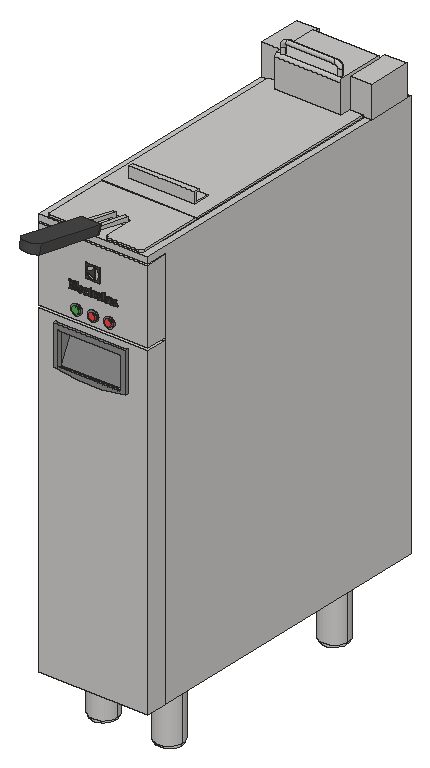
Revit family "QF_ELECTROLUXPROFESSIONAL_285564_EXFREB1BWQ", category Specialty Equipment, Revit 2018
Family settings
  Round Connector Dimension = Use Diameter
  Part Type = Normal
  Work Plane-Based = No
  Always vertical = Yes
  Cut with Voids When Loaded = No
  Shared = No
  Room Calculation Point = No
Parameters
  Weight = 0.00 kg
  Watts = 0 W
  Volts = 415 V
  URL Manufacturer = "http://professional.electrolux.com/"
  URL = "http://professional.electrolux.com/"
  Steam Supply Size = 0"
  Steam Supply Minimum Pressure = 0.00 psi
  Steam Supply Maximum Pressure = 0.00 psi
  Steam Pounds per Hour = 0
  Show Logo [instance] = yes
  Show Clearance [instance] = yes
  Refrigeration Suction Line Size = 0"
  Refrigeration Liquid Line Size = 0"
  Refrigerant Compressor Remote = yes
  Phase = 0
  Model = "EXFREB1BWQ"
  Manufacturer = "Electrolux"
  Length Actual = 200 mm  # constant formula
  Item Number = "285564"
  Hot Water Size = 0"
  Height Actual = 930 mm  # constant formula
  HP = "9.9 HP"
  Gas Size = 0"
  Gas KW = 0
  Gas Input Pressure = 0.0 Btu/h
  Direct Waste Size = 0"
  Description = "9L EL.FRYER-1WELL+1BASK.+OILPUMP-415V"
  Depth Actual = 600 mm  # constant formula
  Cycle = 0 Hz
  Condensate Return Size = 0"
  Compressed Air Volume = 0 GPM
  Compressed Air Size = 0"
  Compressed Air Pressure = 0.00 psi
  Cold Water Size = 0"
  Accessory = yes
Reference planes
  plane 1 "BACK": y = 0
  plane 2: z = 0
  plane 3 "LEFT": x = 0
  plane 4 "RIGHT": x = 200
  plane 5 "FRONT": y = -600
  plane 6 "TOP": z = 907
  plane 7 "Center Y": x = 100
  plane 8 "Center X": y = -300
  plane 9 "TOP A": z = 850
  plane 10: z = 100
  plane 11: y = -124
  plane 12: y = -501
  plane 13: y = -943
  plane 14: x = 160
  plane 15: x = 40
  plane 16: z = 915.999
  plane 17: z = 935
  plane 18: x = 155
  plane 19: y = -781
  plane 20: y = -755
  plane 21: y = 95
  plane 22: z = 700
  plane 23: x = 40
  plane 24: z = 935
Forms (mm)
  Extrusion 1, solid, material "QF_Finishes_Stainless Steel"
    sketch origin (0, 0, 0) x (0, 1, 0) y (0, 0, 1)
      loop
        line (0, 850) -> (-600, 850) -> (-600, 838.077) -> (-560.15, 838.077) -> (-560.15, 100) -> (0, 100) -> (0, 850)
      loop
        line (-600, 695) -> (-600, 100) -> (-561.737, 100) -> (-561.737, 695) -> (-600, 695)
      loop
        line (-561.737, 700) -> (-561.737, 835) -> (-600, 835) -> (-600, 700) -> (-561.737, 700)
    from 0 to 200
  Extrusion 2, void
    sketch origin (0, 0, 850) x (-1, 0, 0) y (0, -1, 0)
      loop
        line (-10.5, 88.124) -> (-10.5, 550.573) -> (-189.691, 550.573) -> (-189.691, 88.124) -> (-10.5, 88.124)
    from 0 to -150
  Extrusion 3, solid, material "QF_Clearances", visible <- "Show Clearance", detail levels coarse
    sketch origin (0, 0, 0) x (1, 0, 0) y (0, 1, 0)
      loop
        line (0, 0) -> (200, 0) -> (200, 95) -> (0, 95) -> (0, 0)
    from 0 to 907
  Extrusion 4, solid, material "QF_Door-Drawer Clearances", visible <- "Show Clearance", detail levels coarse
    sketch origin (0, 0, 850) x (-1, 0, 0) y (0, -1, 0)
      loop
        line (-190.5, 600) -> (-9.5, 600)
        arc (-9.5, 600) -> (-62.514, 727.986) -> (-190.5, 781) r 181
        line (-190.5, 781) -> (-190.5, 600)
    from -750 to -155
  Extrusion 5, solid, material "QF_Finishes_Stainless Steel"
    sketch origin (100, -139.304, 888.806) x (0, 1, 0) y (-1, 0, 0)
      loop
        line (49.304, 100) -> (49.304, 60) -> (129.304, 60) -> (129.304, 100) -> (49.304, 100)
      loop
        line (49.304, -100) -> (129.304, -100) -> (129.304, -60) -> (49.304, -60) -> (49.304, -100)
    from -38.806 to 18.194
  Revolve 6, solid, material "QF_Finishes_Stainless Steel"
    sketch origin (0, -501, 608.09) x (0, 0, 1) y (1, 0, 0)
      loop
        line (-608.09, 40) -> (-608.09, 17.609) -> (-603.09, 17.609) -> (-603.09, 15) -> (-508.09, 15) -> (-508.09, 40) -> (-608.09, 40)
      axis (-608.09, 40) -> (-508.09, 40)
    angle from 0 to 360
  Extrusion 7, solid, material "QF_Finishes_Stainless Steel"
    sketch origin (0, 600, 100) x (-1, 0, 0) y (0, 1, 0)
      loop
        circle (-155, -650) r 6.35
    from 0 to 8
  Revolve 8, solid, material "QF_Finishes_Stainless Steel"
    sketch origin (200, -501, 608.09) x (0, 0, 1) y (1, 0, 0)
      loop
        line (-608.09, -40) -> (-508.09, -40) -> (-508.09, -15) -> (-603.09, -15) -> (-603.09, -17.609) -> (-608.09, -17.609) -> (-608.09, -40)
      axis (-608.09, -40) -> (-508.09, -40)
    angle from 0 to 360
  Revolve 9, solid, material "QF_Finishes_Stainless Steel"
    sketch origin (0, -124, 608.09) x (0, 0, 1) y (-1, 0, 0)
      loop
        line (-608.09, -40) -> (-508.09, -40) -> (-508.09, -15) -> (-603.09, -15) -> (-603.09, -17.609) -> (-608.09, -17.609) -> (-608.09, -40)
      axis (-608.09, -40) -> (-508.09, -40)
    angle from 0 to 360
  Revolve 10, solid, material "QF_Finishes_Stainless Steel"
    sketch origin (200, -124, 608.09) x (0, 0, 1) y (-1, 0, 0)
      loop
        line (-608.09, 40) -> (-608.09, 17.609) -> (-603.09, 17.609) -> (-603.09, 15) -> (-508.09, 15) -> (-508.09, 40) -> (-608.09, 40)
      axis (-608.09, 40) -> (-508.09, 40)
    angle from 0 to 360
  Extrusion 11, void
    sketch origin (0, 0, 0) x (0, 1, 0) y (0, 0, 1)
      loop
        line (-600, 615) -> (-570, 675) -> (-600, 675) -> (-600, 615)
    from 40 to 155
  Extrusion 12, solid, material "QF_Finishes_grey"
    sketch origin (0, -600, 695) x (0, 0, -1) y (1, 0, 0)
      loop
        line (20, 40) -> (80, 40) -> (80, 155) -> (20, 155) -> (20, 40)
      loop
        line (10, 32) -> (82.581, 32)
        arc (82.581, 32) -> (90.011, 97.5) -> (82.581, 163) r 292.45
        line (82.581, 163) -> (10, 163) -> (10, 32)
    from 0 to 5
  Extrusion 13, solid, material "QF_Finishes_Red"
    sketch origin (39.327, -600, 649.266) x (0, 0, 1) y (-1, 0, 0)
      loop
        circle (68.272, -60.648) r 6.35
    from 0 to 3.175
  Extrusion 14, solid, material "QF_Finishes_grey"
    sketch origin (0, -600, 700) x (0, 0, 1) y (-1, 0, 0)
      loop
        circle (17.537, -99.975) r 6.35
      loop
        circle (17.537, -99.975) r 9.35
    from 0 to 1.394
  Extrusion 15, solid, material "QF_Finishes_Red"
    sketch origin (69.327, -600, 649.266) x (0, 0, 1) y (-1, 0, 0)
      loop
        circle (68.272, -60.648) r 6.35
    from 0 to 3.175
  Extrusion 16, solid, material "QF_Finishes_grey"
    sketch origin (30, -600, 700) x (0, 0, 1) y (-1, 0, 0)
      loop
        circle (17.537, -99.975) r 6.35
      loop
        circle (17.537, -99.975) r 9.35
    from 0 to 1.394
  Extrusion 17, solid, material "QF_Finishes_Green"
    sketch origin (9.327, -600, 649.266) x (0, 0, 1) y (-1, 0, 0)
      loop
        circle (68.272, -60.648) r 6.35
    from 0 to 3.175
  Extrusion 18, solid, material "QF_Finishes_grey"
    sketch origin (-30, -600, 700) x (0, 0, 1) y (-1, 0, 0)
      loop
        circle (17.537, -99.975) r 6.35
      loop
        circle (17.537, -99.975) r 9.35
    from 0 to 1.394
  Extrusion 19, solid, material "QF_Finishes_Black", visible <- "Show Logo"
    sketch origin (-109.987, -600, 729.585) x (0, 0, 1) y (-1, 0, 0)
      loop
        arc (33.355, -167.066) -> (33.007, -166.709) -> (32.64, -167.047) r 0.358
        arc (32.64, -167.047) -> (32.326, -167.797) -> (31.609, -168.182) r 1.216
        line (31.609, -168.182) -> (21.197, -168.182)
        arc (21.197, -168.182) -> (20.537, -167.904) -> (20.141, -167.308) r 1.238
        arc (20.141, -167.308) -> (19.746, -167.057) -> (19.44, -167.411) r 0.358
        line (19.44, -167.411) -> (19.44, -177.29) -> (22.191, -177.29) -> (22.191, -176.393)
        arc (22.191, -176.393) -> (21.282, -175.813) -> (20.827, -174.836) r 1.928
        line (20.827, -174.836) -> (20.827, -172.337)
        arc (20.827, -172.337) -> (21.102, -171.608) -> (21.791, -171.244) r 1.101
        line (21.791, -171.244) -> (25.877, -171.244) -> (25.877, -174.917)
        arc (25.877, -174.917) -> (25.525, -175.414) -> (24.959, -175.642) r 1.083
        arc (24.959, -175.642) -> (24.696, -175.948) -> (24.988, -176.226) r 0.292
        line (24.988, -176.226) -> (27.95, -176.226)
        arc (27.95, -176.226) -> (28.253, -175.953) -> (28.014, -175.623) r 0.305
        arc (28.014, -175.623) -> (27.524, -175.375) -> (27.219, -174.917) r 1.083
        line (27.219, -174.917) -> (27.219, -171.244) -> (31.896, -171.244) -> (31.896, -174.991)
        arc (31.896, -174.991) -> (31.682, -175.747) -> (31.075, -176.245) r 1.314
        arc (31.075, -176.245) -> (30.856, -176.649) -> (31.211, -176.941) r 0.361
        line (31.211, -176.941) -> (33.355, -176.941) -> (33.355, -167.066)
      loop
        arc (32.638, -177.722) -> (32.257, -178.641) -> (31.339, -179.021) r 1.299
        line (31.339, -179.021) -> (21.76, -179.021)
        arc (21.76, -179.021) -> (20.922, -178.643) -> (20.65, -177.765) r 1.118
        line (20.65, -177.765) -> (19.44, -177.765) -> (19.44, -183.115) -> (20.629, -183.115)
        arc (20.629, -183.115) -> (20.9, -182.198) -> (21.77, -181.802) r 1.153
        line (21.77, -181.802) -> (33.843, -181.802) -> (32.638, -177.722)
      loop
        line (24.405, -185.751) -> (24.405, -192.198) -> (25.204, -192.198)
        arc (25.204, -192.198) -> (27.785, -191.214) -> (29.053, -188.76) r 3.874
        line (29.053, -188.76) -> (29.053, -187)
        arc (29.053, -187) -> (27.867, -184.135) -> (25.002, -182.949) r 4.051
        line (25.002, -182.949) -> (22.994, -182.949)
        arc (22.994, -182.949) -> (20.176, -184.434) -> (19.124, -187.441) r 4.352
        arc (19.124, -187.441) -> (19.489, -189.904) -> (20.866, -191.978) r 5.713
        line (20.866, -191.978) -> (21.815, -191.978)
        arc (21.815, -191.978) -> (21.082, -190.409) -> (20.866, -188.691) r 5.579
        arc (20.866, -188.691) -> (21.66, -186.728) -> (23.539, -185.751) r 3.057
        line (23.539, -185.751) -> (24.405, -185.751)
      loop
        line (25.665, -185.751) -> (25.665, -189.333)
        arc (25.665, -189.333) -> (27.121, -189.38) -> (28.004, -188.221) r 1.59
        line (28.004, -188.221) -> (28.004, -187.391)
        arc (28.004, -187.391) -> (27.14, -186.136) -> (25.665, -185.751) r 2.184
      loop
        arc (28.455, -201.616) -> (28.944, -199.942) -> (29.102, -198.205) r 9.023
        line (29.102, -198.205) -> (29.102, -196.843)
        arc (29.102, -196.843) -> (27.942, -194.043) -> (25.143, -192.883) r 3.959
        line (25.143, -192.883) -> (22.543, -192.883)
        arc (22.543, -192.883) -> (20.261, -194.176) -> (19.143, -196.548) r 4.331
        line (19.143, -196.548) -> (19.143, -198.684)
        arc (19.143, -198.684) -> (19.652, -200.234) -> (20.573, -201.58) r 5.772
        arc (20.573, -201.58) -> (21.335, -201.631) -> (21.422, -200.872) r 0.553
        arc (21.422, -200.872) -> (21.034, -200.138) -> (20.9, -199.319) r 2.573
        line (20.9, -199.319) -> (20.9, -197.804)
        arc (20.9, -197.804) -> (21.906, -196.162) -> (23.72, -195.52) r 2.884
        line (23.72, -195.52) -> (24.999, -195.52)
        arc (24.999, -195.52) -> (26.82, -196.08) -> (27.747, -197.745) r 2.554
        line (27.747, -197.745) -> (27.747, -198.798)
        arc (27.747, -198.798) -> (27.415, -199.726) -> (26.758, -200.461) r 2.564
        arc (26.758, -200.461) -> (26.537, -201.178) -> (27.146, -201.616) r 0.643
        line (27.146, -201.616) -> (28.455, -201.616)
      loop
        line (27.437, -201.886) -> (27.437, -203.387) -> (21.389, -203.387)
        arc (21.389, -203.387) -> (19.801, -204.045) -> (19.143, -205.633) r 2.246
        line (19.143, -205.633) -> (19.143, -207.217)
        arc (19.143, -207.217) -> (19.457, -208.081) -> (19.958, -208.853) r 4.06
        arc (19.958, -208.853) -> (20.69, -208.986) -> (20.942, -208.285) r 0.576
        arc (20.942, -208.285) -> (20.836, -207.759) -> (20.9, -207.227) r 1.69
        arc (20.9, -207.227) -> (21.441, -206.439) -> (22.348, -206.136) r 1.506
        line (22.348, -206.136) -> (27.486, -206.136) -> (27.486, -208.533) -> (28.042, -209.089) -> (28.864, -209.089) -> (28.864, -206.23) -> (32.095, -206.23) -> (27.437, -201.886)
      loop
        line (19.361, -209.987) -> (19.361, -215.374) -> (20.471, -215.374)
        arc (20.471, -215.374) -> (20.865, -214.423) -> (21.816, -214.029) r 1.345
        line (21.816, -214.029) -> (25.432, -214.029)
        arc (25.432, -214.029) -> (26.197, -214.621) -> (26.486, -215.543) r 1.615
        line (26.486, -215.543) -> (26.486, -217.099) -> (29.042, -217.784) -> (29.042, -216.401) -> (27.099, -213.842) -> (28.98, -213.842) -> (28.695, -211.136)
        arc (28.695, -211.136) -> (28.256, -210.606) -> (27.597, -210.807) r 0.621
        arc (27.597, -210.807) -> (27.197, -211.149) -> (26.703, -211.332) r 1.501
        line (26.703, -211.332) -> (21.816, -211.332)
        arc (21.816, -211.332) -> (20.865, -210.938) -> (20.471, -209.987) r 1.345
        line (20.471, -209.987) -> (19.361, -209.987)
      loop
        line (25.463, -217.321) -> (22.771, -217.321)
        arc (22.771, -217.321) -> (20.325, -218.629) -> (19.191, -221.159) r 4.288
        arc (19.191, -221.159) -> (19.128, -222.54) -> (19.191, -223.92) r 15.022
        arc (19.191, -223.92) -> (20.325, -226.451) -> (22.771, -227.758) r 4.288
        line (22.771, -227.758) -> (25.463, -227.758)
        arc (25.463, -227.758) -> (27.908, -226.451) -> (29.042, -223.92) r 4.288
        arc (29.042, -223.92) -> (29.106, -222.54) -> (29.042, -221.159) r 15.022
        arc (29.042, -221.159) -> (27.908, -218.629) -> (25.463, -217.321) r 4.288
      loop
        line (25.668, -220.435) -> (22.566, -220.435)
        arc (22.566, -220.435) -> (20.409, -222.592) -> (22.566, -224.749) r 2.157
        line (22.566, -224.749) -> (25.668, -224.749)
        arc (25.668, -224.749) -> (27.824, -222.592) -> (25.668, -220.435) r 2.157
      loop
        arc (32.648, -227.616) -> (32.278, -228.51) -> (31.384, -228.881) r 1.264
        line (31.384, -228.881) -> (21.52, -228.881)
        arc (21.52, -228.881) -> (20.65, -228.484) -> (20.378, -227.568) r 1.153
        line (20.378, -227.568) -> (19.44, -227.568) -> (19.44, -232.676) -> (20.369, -232.676)
        arc (20.369, -232.676) -> (20.728, -231.904) -> (21.52, -231.589) r 1.153
        line (21.52, -231.589) -> (33.843, -231.589) -> (32.648, -227.616)
      loop
        arc (27.769, -232.214) -> (27.569, -233.278) -> (26.6, -233.76) r 1.215
        line (26.6, -233.76) -> (21.58, -233.76)
        arc (21.58, -233.76) -> (19.966, -234.407) -> (19.245, -235.99) r 2.338
        line (19.245, -235.99) -> (19.245, -237.505)
        arc (19.245, -237.505) -> (19.419, -238.509) -> (19.922, -239.395) r 2.979
        line (19.922, -239.395) -> (19.44, -241.192) -> (19.44, -242.88) -> (28.866, -242.88) -> (28.572, -238.677) -> (27.786, -238.677)
        arc (27.786, -238.677) -> (27.43, -239.513) -> (26.678, -240.022) r 1.605
        line (26.678, -240.022) -> (21.575, -240.022)
        arc (21.575, -240.022) -> (21.154, -239.085) -> (21.082, -238.061) r 2.94
        arc (21.082, -238.061) -> (21.643, -236.96) -> (22.796, -236.517) r 1.724
        line (22.796, -236.517) -> (28.992, -236.517) -> (27.769, -232.214)
      loop
        line (28.797, -243.734) -> (27.125, -245.78) -> (23.951, -248.086) -> (20.494, -244.974)
        arc (20.494, -244.974) -> (20.257, -244.58) -> (20.28, -244.121) r 0.789
        line (20.28, -244.121) -> (19.44, -244.121) -> (19.44, -247.666) -> (20.267, -247.666)
        arc (20.267, -247.666) -> (20.609, -247.304) -> (21.099, -247.396) r 0.52
        line (21.099, -247.396) -> (22.899, -248.867) -> (20.781, -250.243)
        arc (20.781, -250.243) -> (20.38, -249.933) -> (20.293, -249.433) r 0.7
        line (20.293, -249.433) -> (19.44, -249.433) -> (19.44, -255.36) -> (20.327, -255.36)
        arc (20.327, -255.36) -> (20.394, -254.701) -> (20.789, -254.17) r 1.247
        line (20.789, -254.17) -> (24.989, -250.889) -> (27.436, -252.942) -> (28.797, -254.684) -> (28.797, -250.96) -> (27.312, -251.383) -> (25.79, -250.106) -> (27.491, -248.916) -> (28.797, -249.692) -> (28.797, -243.734)
      loop
        line (70.086, -213.413) -> (47.032, -213.413)
        arc (47.032, -213.413) -> (58.559, -221.935) -> (70.086, -213.413) r 12.057
      loop
        arc (70.086, -212.24) -> (67.907, -202.653) -> (59.227, -198.033) r 11.816
        line (59.227, -198.033) -> (59.227, -201.847)
        arc (59.227, -201.847) -> (61.993, -208.661) -> (68.417, -212.24) r 11.075
        line (68.417, -212.24) -> (70.086, -212.24)
      loop
        arc (48.441, -212.24) -> (54.864, -208.661) -> (57.63, -201.847) r 11.075
        line (57.63, -201.847) -> (57.63, -198.058)
        arc (57.63, -198.058) -> (49.006, -202.72) -> (46.669, -212.24) r 12.096
        line (46.669, -212.24) -> (48.441, -212.24)
      loop
        line (71.344, -197.158) -> (45.722, -197.158) -> (45.722, -222.815) -> (71.344, -222.815) -> (71.344, -197.158)
    from 0 to 1.644
  Sweep 20, solid, material "QF_Finishes_Stainless Steel"
    path origin (-1.25, 52.5, 0) x (1, 0, 0) y (0, 0, 1)
      loop
        line (51.187, 910.561) -> (51.187, 921.65)
        arc (51.187, 921.65) -> (53.047, 926.14) -> (57.537, 928) r 6.35
        line (57.537, 928) -> (145.725, 928)
        arc (145.725, 928) -> (149.508, 926.433) -> (151.075, 922.65) r 5.35
        line (151.075, 922.65) -> (151.075, 910.561)
    profile origin (49.937, 52.5, 916.105) x (-1, 0, 0) y (0, -1, 0)
      loop
        circle (2.09, 153.254) r 3.827
  Extrusion 21, solid, material "QF_Finishes_Stainless Steel"
    sketch origin (0, 65, 0) x (0, 1, 0) y (0, 0, 1)
      loop
        line (-88.124, 910.561) -> (-170, 910.561)
        arc (-170, 910.561) -> (-173.536, 909.096) -> (-175, 905.561) r 5
        line (-175, 905.561) -> (-175, 850) -> (-88.124, 850) -> (-88.124, 910.561)
    from 40 to 160
  Extrusion 22, solid, material "QF_Finishes_Mesh"
    sketch origin (178.262, -64.779, 844.25) x (-1, 0, 0) y (0, -1, 0)
      loop
        arc (123.4, 118.481) -> (141.36, 125.92) -> (148.8, 143.881) r 25.4
        line (148.8, 143.881) -> (148.8, 376.11)
        arc (148.8, 376.11) -> (141.36, 394.071) -> (123.4, 401.51) r 25.4
        line (123.4, 401.51) -> (33.125, 401.51)
        arc (33.125, 401.51) -> (15.164, 394.071) -> (7.725, 376.11) r 25.4
        line (7.725, 376.11) -> (7.725, 143.881)
        arc (7.725, 143.881) -> (15.164, 125.92) -> (33.125, 118.481) r 25.4
        line (33.125, 118.481) -> (123.4, 118.481)
      loop
        arc (123.4, 121.656) -> (139.115, 128.165) -> (145.625, 143.881) r 22.225
        line (145.625, 143.881) -> (145.625, 376.11)
        arc (145.625, 376.11) -> (139.115, 391.826) -> (123.4, 398.335) r 22.225
        line (123.4, 398.335) -> (33.125, 398.335)
        arc (33.125, 398.335) -> (17.409, 391.826) -> (10.9, 376.11) r 22.225
        line (10.9, 376.11) -> (10.9, 143.881)
        arc (10.9, 143.881) -> (17.409, 128.165) -> (33.125, 121.656) r 22.225
        line (33.125, 121.656) -> (123.4, 121.656)
    from -109 to -5.315
  Extrusion 23, solid, material "QF_Finishes_Black"
    sketch origin (234.175, -818.725, 918.681) x (0, 0.980628, -0.195878) y (-1, 0, 0)
      loop
        arc (79.035, 152.655) -> (68.808, 134.038) -> (79.035, 115.42) r 22.059
        line (79.035, 115.42) -> (214.834, 115.42)
        arc (214.834, 115.42) -> (217.308, 116.446) -> (218.334, 118.92) r 3.5
        line (218.334, 118.92) -> (218.334, 149.146)
        arc (218.334, 149.146) -> (217.306, 151.628) -> (214.824, 152.655) r 3.509
        line (214.824, 152.655) -> (79.035, 152.655)
    from -15.884 to 0
  Extrusion 24, solid, material "QF_Finishes_Stainless Steel"
    sketch origin (0, 0, 850) x (0, -1, 0) y (1, 0, 0)
      loop
        arc (90, 18.5) -> (91.464, 14.964) -> (95, 13.5) r 5
        line (95, 13.5) -> (472, 13.5) -> (472, 186.691) -> (95, 186.691)
        arc (95, 186.691) -> (91.464, 185.227) -> (90, 181.691) r 5
        line (90, 181.691) -> (90, 165)
        arc (90, 165) -> (91.464, 161.464) -> (95, 160) r 5
        line (95, 160) -> (110, 160) -> (110, 40) -> (95, 40)
        arc (95, 40) -> (91.464, 38.536) -> (90, 35) r 5
        line (90, 35) -> (90, 18.5)
      loop
        line (473, 186.691) -> (473, 13.5) -> (592, 13.5)
        arc (592, 13.5) -> (595.536, 14.964) -> (597, 18.5) r 5
        line (597, 18.5) -> (597, 75.55)
        arc (597, 75.55) -> (595.536, 79.086) -> (592, 80.55) r 5
        line (592, 80.55) -> (543.238, 80.55)
        arc (543.238, 80.55) -> (539.703, 82.014) -> (538.238, 85.55) r 5
        line (538.238, 85.55) -> (538.238, 114.641)
        arc (538.238, 114.641) -> (539.703, 118.177) -> (543.238, 119.641) r 5
        line (543.238, 119.641) -> (592, 119.641)
        arc (592, 119.641) -> (595.536, 121.106) -> (597, 124.641) r 5
        line (597, 124.641) -> (597, 181.691)
        arc (597, 181.691) -> (595.536, 185.227) -> (592, 186.691) r 5
        line (592, 186.691) -> (473, 186.691)
    from 0 to 3
  Extrusion 25, solid, material "QF_Finishes_Stainless Steel"
    sketch origin (166.074, -30.154, 119.93) x (0, 0.984808, 0.173648) y (0, -0.173648, 0.984808)
      loop
        line (-380.327, 769.003) -> (-372.194, 815.127) -> (-436.107, 840.041) -> (-438.413, 834.124) -> (-379.351, 811.102) -> (-387.692, 763.803) -> (-308.907, 749.911) -> (-307.796, 756.214) -> (-380.327, 769.003)
    from -80.476 to -74.619
  Extrusion 26, solid, material "QF_Finishes_Stainless Steel"
    sketch origin (34.2, -30.154, 119.93) x (0, 0.984808, 0.173648) y (0, 0.173648, -0.984808)
      loop
        line (-372.194, -815.127) -> (-380.327, -769.003) -> (-307.796, -756.214) -> (-308.907, -749.911) -> (-387.692, -763.803) -> (-379.351, -811.102) -> (-438.413, -834.124) -> (-436.107, -840.041) -> (-372.194, -815.127)
    from -80.476 to -74.619
  Extrusion 27, solid, material "QF_Finishes_Stainless Steel"
    sketch origin (13.5, -88.124, 850) x (0, -1, 0) y (0, 0, 1)
      loop
        line (354.876, 3) -> (354.876, 23) -> (346.126, 23) -> (346.126, 20) -> (351.876, 20) -> (351.876, 5) -> (324.876, 5) -> (324.876, 3) -> (354.876, 3)
    from -26.5 to -146.5
Cuts and joins
  Extrusion 2, Extrusion 11 cuts Extrusion 1
  Extrusion 11 cuts Extrusion 4
Lines and regions (mm)
  symbolic lines, style "QF_Clearances", visible <- "Show Clearance", detail levels coarse
    curve 1: line (200, 95, 850) -> (0, 95, 850)
  symbolic lines
    curve 2: line (0, -600, 850) -> (0, 0, 850)
    curve 3: line (190.5, -90, 850) -> (190.5, -600, 850)
    curve 4: line (11.548, -90, 850) -> (11.548, -597, 850)
    curve 5: line (11.548, -597, 850) -> (75.55, -597, 850)
    curve 6: line (124.641, -597, 850) -> (188.452, -597, 850)
    curve 7: line (188.452, -597, 850) -> (188.452, -90, 850)
    curve 8: line (200, -90, 850) -> (160, -90, 850)
    curve 9: line (200, -600, 850) -> (0, -600, 850)
    curve 11: line (40, -23.124, 850) -> (40, -110, 850)
    curve 12: line (40, -110, 850) -> (160, -110, 850)
    curve 13: line (160, -110, 850) -> (160, -23.124, 850)
    curve 14: line (40, -23.124, 850) -> (160, -23.124, 850)
    curve 15: line (40, -88.124, 850) -> (160, -88.124, 850)
    curve 16: line (40, -90, 850) -> (0, -90, 850)
    curve 17: line (0, 0, 850) -> (200, 0, 850)
    curve 19: line (47.824, -96.927, 850) -> (151.941, -96.927, 850)
    curve 20: line (151.941, -104.585, 850) -> (47.824, -104.585, 850)
    curve 21: arc (151.941, -96.927, 850) -> (155.77, -100.756, 850) -> (151.941, -104.585, 850) r 3.829
    curve 22: arc (47.824, -96.927, 850) -> (43.995, -100.756, 850) -> (47.824, -104.585, 850) r 3.829
    curve 23: line (40, -23.124, 0) -> (40, -10, 0)
    curve 24: line (40, -10, 0) -> (0, -10, 0)
    curve 25: line (0, -10, 0) -> (0, -90, 0)
    curve 26: line (160, -23.124, 0) -> (160, -10, 0)
    curve 27: line (160, -10, 0) -> (200, -10, 0)
    curve 28: line (200, 0, 0) -> (200, -600, 0)
    curve 29: arc (119.641, -592, 0) -> (121.106, -595.536, 0) -> (124.641, -597, 0) r 5
    curve 30: line (119.641, -543.238, 0) -> (119.641, -592, 0)
    curve 31: arc (114.641, -538.238, 0) -> (118.177, -539.703, 0) -> (119.641, -543.238, 0) r 5
    curve 32: line (85.55, -538.238, 0) -> (114.641, -538.238, 0)
    curve 33: arc (80.55, -543.238, 0) -> (82.014, -539.703, 0) -> (85.55, -538.238, 0) r 5
    curve 34: line (80.55, -592, 0) -> (80.55, -543.238, 0)
    curve 35: arc (75.55, -597, 0) -> (79.086, -595.536, 0) -> (80.55, -592, 0) r 5
    curve 36: line (81.52, -608.062, 0) -> (81.52, -744.332, 0)
    curve 37: spline (85.029, -604.621, 0) -> (84.571, -604.65, 0) -> (84.121, -604.738, 0) -> (83.686, -604.883, 0) -> (83.274, -605.082, 0) -> (82.893, -605.332, 0) -> (82.547, -605.628, 0) -> (82.245, -605.967, 0) -> (81.99, -606.341, 0) -> (81.787, -606.745, 0) -> (81.639, -607.171, 0) -> (81.55, -607.613, 0) -> (81.52, -608.062, 0)
    curve 38: line (115.255, -604.621, 0) -> (85.029, -604.621, 0)
    curve 39: spline (118.755, -608.053, 0) -> (118.725, -607.605, 0) -> (118.635, -607.164, 0) -> (118.488, -606.739, 0) -> (118.286, -606.337, 0) -> (118.031, -605.963, 0) -> (117.729, -605.626, 0) -> (117.385, -605.33, 0) -> (117.005, -605.08, 0) -> (116.594, -604.882, 0) -> (116.16, -604.738, 0) -> (115.711, -604.65, 0) -> (115.255, -604.621, 0)
    curve 40: line (118.755, -744.332, 0) -> (118.755, -608.053, 0)
    curve 41: spline (118.755, -744.332, 0) -> (116.522, -747.213, 0) -> (113.832, -749.688, 0) -> (110.758, -751.689, 0) -> (107.387, -753.16, 0) -> (103.814, -754.059, 0) -> (100.137, -754.361, 0) -> (96.461, -754.059, 0) -> (92.887, -753.16, 0) -> (89.516, -751.689, 0) -> (86.443, -749.688, 0) -> (83.752, -747.213, 0) -> (81.52, -744.332, 0)
    curve 42: line (13.5, -592, 0) -> (13.5, -473, 0)
    curve 43: line (13.5, -473, 0) -> (186.691, -473, 0)
    curve 44: line (186.691, -473, 0) -> (186.691, -592, 0)
    curve 45: arc (181.691, -597, 0) -> (185.227, -595.536, 0) -> (186.691, -592, 0) r 5
    curve 46: arc (13.5, -592, 0) -> (14.964, -595.536, 0) -> (18.5, -597, 0) r 5
    curve 47: line (13.5, -472, 0) -> (186.691, -472, 0)
    curve 48: line (186.691, -472, 0) -> (186.691, -95, 0)
    curve 49: line (13.5, -95, 0) -> (13.5, -472, 0)
    curve 50: arc (40, -95, 0) -> (38.536, -91.464, 0) -> (35, -90, 0) r 5
    curve 51: arc (18.5, -90, 0) -> (14.964, -91.464, 0) -> (13.5, -95, 0) r 5
    curve 52: arc (165, -90, 0) -> (161.464, -91.464, 0) -> (160, -95, 0) r 5
    curve 53: arc (186.691, -95, 0) -> (185.227, -91.464, 0) -> (181.691, -90, 0) r 5
    curve 54: line (63.625, -600, 0) -> (63.625, -603.175, 0)
    curve 55: line (63.625, -603.175, 0) -> (76.325, -603.175, 0)
    curve 56: line (76.325, -603.175, 0) -> (76.325, -600, 0)
    curve 57: line (106.325, -603.175, 0) -> (106.325, -600, 0)
    curve 58: line (106.325, -603.175, 0) -> (93.625, -603.175, 0)
    curve 59: line (91.456, -538.238, 0) -> (91.456, -604.621, 0)
    curve 60: line (108.819, -538.238, 0) -> (108.819, -604.621, 0)
    curve 61: line (114.676, -538.238, 0) -> (114.676, -604.621, 0)
    curve 62: line (85.599, -538.238, 0) -> (85.599, -604.621, 0)
    curve 63: line (93.625, -603.175, 0) -> (93.625, -600, 0)
    curve 64: line (136.325, -603.175, 0) -> (123.625, -603.175, 0)
    curve 65: line (123.625, -603.175, 0) -> (123.625, -600, 0)
    curve 66: line (136.325, -603.175, 0) -> (136.325, -600, 0)
    curve 67: line (45, -413, 0) -> (155, -413, 0)
    curve 68: line (40, -443, 0) -> (40, -418, 0)
    curve 69: line (160, -443, 0) -> (40, -443, 0)
    curve 70: line (160, -418, 0) -> (160, -443, 0)
    curve 71: line (45, -434.25, 0) -> (155, -434.25, 0)
    curve 72: arc (40, -418, 0) -> (41.464, -414.464, 0) -> (45, -413, 0) r 5
    curve 73: arc (155, -413, 0) -> (158.536, -414.464, 0) -> (160, -418, 0) r 5
    curve 74: arc (40, -439.25, 0) -> (41.464, -435.714, 0) -> (45, -434.25, 0) r 5
    curve 75: arc (160, -439.25, 0) -> (158.536, -435.714, 0) -> (155, -434.25, 0) r 5
  symbolic lines, style "QF_Door-Drawer Clearances"
    curve 10: line (190.5, -781, 850) -> (190.5, -600, 850)
    curve 18: arc (9.5, -600, 0) -> (62.514, -727.986, 0) -> (190.5, -781, 0) r 181
Dimensions and locks
  equal spacing: plane 3 "LEFT", plane 7 "Center Y", plane 4 "RIGHT"
  plane 3 "LEFT" to plane 4 "RIGHT" = 200 mm
  equal spacing: plane 5 "FRONT", plane 8 "Center X", plane 1 "BACK"
  plane 5 "FRONT" to plane 1 "BACK" = 600 mm  (x2)
  plane 1 "BACK" to plane 5 "FRONT" = 600 mm
  plane 10 to level = 100 mm  (x2)
  plane 1 "BACK" to plane 11 = 124 mm
  plane 11 to plane 12 = 377 mm
  locked: plane 12 to cut or joined group of Extrusion 1, Extrusion 2, Extrusion 11 at 99
  locked: plane 13 to plane 5 "FRONT" at 343
  plane 4 "RIGHT" to plane 14 = 40 mm
  plane 15 to plane 3 "LEFT" = 40 mm
  plane 16 to plane 9 "TOP A" = 65.999 mm
  plane 9 "TOP A" to plane 17 = 85 mm
  plane 4 "RIGHT" to plane 3 "LEFT" = 200 mm
  plane 9 "TOP A" to plane 10 = 750 mm
  plane 6 "TOP" to level = 907 mm
  Extrusion 7 sketch curve to plane 1 "BACK" = 50 mm
  Extrusion 7 sketch curve to plane 4 "RIGHT" = 45 mm
  plane 10 to Extrusion 7 = 8 mm  (x2)
  plane 18 to plane 4 "RIGHT" = 45 mm
  plane 1 "BACK" to Extrusion 7 = 50 mm
  plane 5 "FRONT" to plane 19 = 181 mm
  plane 5 "FRONT" to plane 20 = 155 mm
  curve 1 to plane 1 "BACK" = 95 mm
  plane 9 "TOP A" to Extrusion 3 = 850 mm
  Revolve 6 sketch curve to Revolve 6 sketch curve = 25 mm
  Revolve 8 sketch curve to Revolve 8 sketch curve = 25 mm
  Revolve 9 sketch curve to Revolve 9 sketch curve = 25 mm
  Revolve 10 sketch curve to Revolve 10 sketch curve = 25 mm
  plane 1 "BACK" to plane 20 = 755 mm
  aligned and locked: level to plane 2
  aligned and locked: plane 4 "RIGHT" to Extrusion 1
  aligned and locked: plane 6 "TOP" to Extrusion 3
  aligned and locked: plane 6 "TOP" to Extrusion 5
  aligned and locked: plane 12 to Revolve 6
  aligned and locked: Extrusion 3 sketch curve to plane 21
  aligned and locked: Extrusion 3 to plane 3 "LEFT"
  aligned and locked: plane 4 "RIGHT" to Extrusion 3
  aligned and locked: Extrusion 2 to Extrusion 1
  aligned and locked: cut or joined group of Extrusion 1, Extrusion 2, Extrusion 11 to Extrusion 4
  aligned and locked: plane 15 to Revolve 6 sketch curve
  aligned and locked: Extrusion 11 sketch curve to plane 5 "FRONT"
  aligned and locked: Extrusion 5 sketch curve to Extrusion 5 sketch curve  (x2)
Automatic sketch dimensions
  Revolve 6 sketch curve to level = 0 mm
  Revolve 6 sketch curve to plane 10 = 0 mm  (x2)
  plane 15 to Revolve 6 sketch curve = 0 mm
  level to Revolve 6 sketch curve = 5 mm
  Revolve 6 sketch curve to Revolve 6 sketch curve = 2.609 mm
  plane 10 to Revolve 6 sketch curve = 20 mm
  Revolve 8 sketch curve to level = 0 mm
  Revolve 8 sketch curve to plane 10 = 0 mm  (x2)
  plane 14 to Revolve 8 sketch curve = 0 mm  (x2)
  level to Revolve 8 sketch curve = 5 mm
  Revolve 8 sketch curve to Revolve 8 sketch curve = 2.609 mm
  plane 10 to Revolve 8 sketch curve = 20 mm
  Revolve 9 sketch curve to level = 0 mm
  Revolve 9 sketch curve to plane 10 = 0 mm  (x2)
  Revolve 9 sketch curve to plane 15 = 0 mm  (x2)
  level to Revolve 9 sketch curve = 5 mm
  Revolve 9 sketch curve to Revolve 9 sketch curve = 2.609 mm
  plane 10 to Revolve 9 sketch curve = 20 mm
  Revolve 10 sketch curve to level = 0 mm
  Revolve 10 sketch curve to plane 10 = 0 mm  (x2)
  Revolve 10 sketch curve to plane 14 = 0 mm  (x2)
  level to Revolve 10 sketch curve = 5 mm
  Revolve 10 sketch curve to Revolve 10 sketch curve = 2.609 mm
  plane 10 to Revolve 10 sketch curve = 20 mm
  plane 9 "TOP A" to Sweep 20 sketch curve = 60.561 mm  (x2)
  plane 16 to Sweep 20 sketch curve = 5.651 mm
  plane 15 to Sweep 20 sketch curve = 9.937 mm
  plane 17 to Sweep 20 sketch curve = 7 mm
  plane 18 to Sweep 20 sketch curve = 10.525 mm
  plane 18 to Sweep 20 sketch curve = 5.175 mm
  Sweep 20 sketch curve to profile plane = 2.09 mm
  profile plane to Sweep 20 sketch curve = 153.254 mm
  Extrusion 23 sketch curve to plane 7 "Center Y" = 18.48 mm
  Extrusion 23 sketch curve to Extrusion 23 sketch curve = 0 mm
  plane 7 "Center Y" to Extrusion 23 sketch curve = 0.137 mm
  Extrusion 23 sketch curve to Extrusion 23 sketch curve = 11.832 mm
  Extrusion 23 sketch curve to plane 7 "Center Y" = 14.971 mm
  Extrusion 23 sketch curve to Extrusion 23 sketch curve = 123.958 mm
  Extrusion 23 sketch curve to Extrusion 23 sketch curve = 3.5 mm
  Extrusion 1 sketch curve to plane 5 "FRONT" = 0 mm  (x3)
  Extrusion 1 sketch curve to plane 22 = 0 mm
  Extrusion 1 sketch curve to plane 10 = 0 mm  (x2)
  Extrusion 1 sketch curve to plane 1 "BACK" = 0 mm
  Extrusion 1 sketch curve to plane 9 "TOP A" = 0 mm
  Extrusion 1 sketch curve to plane 9 "TOP A" = 15 mm
  Extrusion 1 sketch curve to plane 5 "FRONT" = 38.263 mm
  Extrusion 1 sketch curve to Extrusion 1 sketch curve = 0 mm
  Extrusion 1 sketch curve to Extrusion 1 sketch curve = 1.588 mm
  Extrusion 1 sketch curve to plane 22 = 5 mm
  Extrusion 1 sketch curve to Extrusion 1 sketch curve = 3.077 mm
  Extrusion 2 sketch curve to plane 4 "RIGHT" = 10.309 mm
  plane 3 "LEFT" to Extrusion 2 sketch curve = 10.5 mm
  Extrusion 2 sketch curve to plane 11 = 35.876 mm
  Extrusion 2 sketch curve to plane 5 "FRONT" = 49.427 mm
  Extrusion 3 sketch curve to plane 3 "LEFT" = 0 mm
  Extrusion 3 sketch curve to plane 4 "RIGHT" = 0 mm
  plane 1 "BACK" to Extrusion 3 sketch curve = 0 mm
  Extrusion 4 sketch curve to plane 19 = 0 mm
  plane 5 "FRONT" to Extrusion 4 sketch curve = 0 mm
  Extrusion 4 sketch curve to plane 4 "RIGHT" = 9.5 mm
  Extrusion 5 sketch curve to plane 3 "LEFT" = 0 mm
  Extrusion 5 sketch curve to plane 14 = 0 mm
  Extrusion 5 sketch curve to plane 15 = 0 mm
  Extrusion 5 sketch curve to plane 4 "RIGHT" = 0 mm
  Extrusion 5 sketch curve to plane 11 = 34 mm
  plane 1 "BACK" to Extrusion 5 sketch curve = 10 mm
  Extrusion 1 to Extrusion 11 sketch curve = 8.263 mm
  Extrusion 1 to Extrusion 11 sketch curve = 80 mm
  Extrusion 1 to Extrusion 11 sketch curve = 20 mm
  Extrusion 1 to Extrusion 12 sketch curve = 97.5 mm
  Extrusion 12 sketch curve to Extrusion 1 = 202.439 mm
  Extrusion 1 to Extrusion 12 sketch curve = 10 mm
  Extrusion 12 sketch curve to Extrusion 12 sketch curve = 10 mm
  Extrusion 12 sketch curve to Extrusion 12 sketch curve = 60 mm
  Extrusion 12 sketch curve to Extrusion 12 sketch curve = 2.581 mm  (x2)
  Extrusion 1 to Extrusion 12 sketch curve = 40 mm
  Extrusion 12 sketch curve to Extrusion 12 sketch curve = 8 mm  (x2)
  Extrusion 13 sketch curve to plane 7 "Center Y" = 0.025 mm
  plane 22 to Extrusion 13 sketch curve = 17.537 mm
  Extrusion 14 sketch curve to Extrusion 14 sketch curve = 0 mm  (x12)
  Extrusion 1 to Extrusion 14 sketch curve = 17.537 mm
  Extrusion 1 to Extrusion 14 sketch curve = 99.975 mm
  Extrusion 14 sketch curve to Extrusion 14 sketch curve = 6.35 mm
  Extrusion 14 sketch curve to Extrusion 14 sketch curve = 3 mm
  plane 22 to Extrusion 15 sketch curve = 17.537 mm
  plane 18 to Extrusion 15 sketch curve = 25.025 mm
  Extrusion 16 sketch curve to Extrusion 16 sketch curve = 0 mm  (x12)
  Extrusion 1 to Extrusion 16 sketch curve = 17.537 mm
  Extrusion 1 to Extrusion 16 sketch curve = 70.025 mm
  Extrusion 16 sketch curve to Extrusion 16 sketch curve = 6.35 mm
  Extrusion 16 sketch curve to Extrusion 16 sketch curve = 3 mm
  plane 22 to Extrusion 17 sketch curve = 17.537 mm
  plane 15 to Extrusion 17 sketch curve = 29.975 mm
  Extrusion 18 sketch curve to Extrusion 18 sketch curve = 0 mm  (x12)
  Extrusion 1 to Extrusion 18 sketch curve = 17.537 mm
  Extrusion 1 to Extrusion 18 sketch curve = 69.975 mm
  Extrusion 18 sketch curve to Extrusion 18 sketch curve = 6.35 mm
  Extrusion 18 sketch curve to Extrusion 18 sketch curve = 3 mm
  Extrusion 19 sketch curve to plane 7 "Center Y" = 0 mm
  plane 7 "Center Y" to Extrusion 19 sketch curve = 12.553 mm
  plane 22 to Extrusion 19 sketch curve = 43.669 mm
  Extrusion 19 sketch curve to plane 7 "Center Y" = 4.354 mm
  Extrusion 19 sketch curve to Extrusion 19 sketch curve = 5.06 mm
  Extrusion 19 sketch curve to Extrusion 19 sketch curve = 0 mm  (x17)
  Extrusion 19 sketch curve to Extrusion 19 sketch curve = 5.162 mm
  Extrusion 19 sketch curve to Extrusion 19 sketch curve = 0.218 mm
  Extrusion 19 sketch curve to Extrusion 19 sketch curve = 0.195 mm
  Extrusion 19 sketch curve to Extrusion 19 sketch curve = 0.297 mm
  Extrusion 19 sketch curve to Extrusion 19 sketch curve = 5.357 mm
  Extrusion 19 sketch curve to Extrusion 19 sketch curve = 0.358 mm
  plane 18 to Extrusion 19 sketch curve = 25.592 mm
  Extrusion 19 sketch curve to Extrusion 19 sketch curve = 0.481 mm
  Extrusion 19 sketch curve to Extrusion 19 sketch curve = 0.936 mm
  Extrusion 19 sketch curve to Extrusion 19 sketch curve = 0.826 mm
  Extrusion 19 sketch curve to Extrusion 19 sketch curve = 0.839 mm
  Extrusion 19 sketch curve to Extrusion 19 sketch curve = 0.852 mm
  Extrusion 19 sketch curve to Extrusion 19 sketch curve = 0.887 mm
  Extrusion 19 sketch curve to Extrusion 19 sketch curve = 0.928 mm
  Extrusion 19 sketch curve to Extrusion 19 sketch curve = 0.938 mm
  Extrusion 19 sketch curve to Extrusion 19 sketch curve = 1.259 mm
  Extrusion 19 sketch curve to Extrusion 19 sketch curve = 1.11 mm  (x3)
  plane 18 to Extrusion 19 sketch curve = 20.013 mm
  Extrusion 19 sketch curve to Extrusion 19 sketch curve = 0.215 mm
  Extrusion 19 sketch curve to Extrusion 19 sketch curve = 1.188 mm
  Extrusion 19 sketch curve to Extrusion 19 sketch curve = 1.21 mm  (x2)
  Extrusion 19 sketch curve to Extrusion 19 sketch curve = 0.503 mm
  plane 18 to Extrusion 19 sketch curve = 14.744 mm
  Extrusion 19 sketch curve to Extrusion 19 sketch curve = 0.488 mm
  plane 18 to Extrusion 19 sketch curve = 10.817 mm
  Extrusion 19 sketch curve to Extrusion 19 sketch curve = 0.462 mm
  Extrusion 19 sketch curve to Extrusion 19 sketch curve = 1.029 mm
  Extrusion 19 sketch curve to Extrusion 19 sketch curve = 1.723 mm
  Extrusion 19 sketch curve to Extrusion 19 sketch curve = 0.821 mm
  Extrusion 19 sketch curve to Extrusion 19 sketch curve = 0.199 mm
  Extrusion 19 sketch curve to Extrusion 19 sketch curve = 0.081 mm
  Extrusion 19 sketch curve to Extrusion 19 sketch curve = 0.743 mm
  plane 18 to Extrusion 19 sketch curve = 17.591 mm
  Extrusion 19 sketch curve to Extrusion 19 sketch curve = 0.329 mm
  Extrusion 19 sketch curve to Extrusion 19 sketch curve = 1.398 mm
  Extrusion 19 sketch curve to Extrusion 19 sketch curve = 0.129 mm
  Extrusion 19 sketch curve to Extrusion 19 sketch curve = 0.408 mm
  Extrusion 19 sketch curve to Extrusion 19 sketch curve = 1.141 mm  (x2)
  Extrusion 19 sketch curve to Extrusion 19 sketch curve = 1.151 mm
  Extrusion 19 sketch curve to Extrusion 19 sketch curve = 0.768 mm
  Extrusion 19 sketch curve to Extrusion 19 sketch curve = 1.653 mm
  Extrusion 19 sketch curve to Extrusion 19 sketch curve = 0.061 mm
  Extrusion 19 sketch curve to Extrusion 19 sketch curve = 0.964 mm
  Extrusion 19 sketch curve to Extrusion 19 sketch curve = 0.949 mm
  Extrusion 19 sketch curve to Extrusion 19 sketch curve = 1.345 mm  (x2)
  plane 7 "Center Y" to Extrusion 19 sketch curve = 1.345 mm
  Extrusion 19 sketch curve to Extrusion 19 sketch curve = 1.101 mm
  Extrusion 19 sketch curve to Extrusion 19 sketch curve = 0.432 mm
  Extrusion 19 sketch curve to Extrusion 19 sketch curve = 0.643 mm  (x2)
  Extrusion 19 sketch curve to Extrusion 19 sketch curve = 0.959 mm
  Extrusion 19 sketch curve to Extrusion 19 sketch curve = 0.176 mm
  Extrusion 19 sketch curve to Extrusion 19 sketch curve = 0.728 mm
  Extrusion 19 sketch curve to Extrusion 19 sketch curve = 1.046 mm
  Extrusion 19 sketch curve to Extrusion 19 sketch curve = 0.541 mm
  Extrusion 19 sketch curve to Extrusion 19 sketch curve = 1.251 mm
  Extrusion 19 sketch curve to Extrusion 19 sketch curve = 0.955 mm
  Extrusion 19 sketch curve to Extrusion 19 sketch curve = 0.572 mm
  plane 18 to Extrusion 19 sketch curve = 16.12 mm
  Extrusion 19 sketch curve to Extrusion 19 sketch curve = 1.92 mm
  Extrusion 19 sketch curve to Extrusion 19 sketch curve = 1.224 mm
  Extrusion 19 sketch curve to Extrusion 19 sketch curve = 0.745 mm
  Extrusion 19 sketch curve to Extrusion 19 sketch curve = 2.537 mm
  Extrusion 19 sketch curve to Extrusion 19 sketch curve = 0.896 mm  (x3)
  Extrusion 19 sketch curve to Extrusion 19 sketch curve = 0.036 mm  (x2)
  Extrusion 19 sketch curve to Extrusion 19 sketch curve = 0.479 mm
  Extrusion 19 sketch curve to Extrusion 19 sketch curve = 0.066 mm
  Extrusion 19 sketch curve to Extrusion 19 sketch curve = 0.248 mm
  Extrusion 19 sketch curve to Extrusion 19 sketch curve = 0.449 mm
  plane 18 to Extrusion 19 sketch curve = 16.901 mm
  Extrusion 19 sketch curve to Extrusion 19 sketch curve = 1.052 mm
  Extrusion 19 sketch curve to Extrusion 19 sketch curve = 0.866 mm
  Extrusion 19 sketch curve to Extrusion 19 sketch curve = 1.31 mm  (x2)
  Extrusion 19 sketch curve to Extrusion 19 sketch curve = 0.901 mm
  Extrusion 19 sketch curve to Extrusion 19 sketch curve = 1.107 mm
  Extrusion 19 sketch curve to Extrusion 19 sketch curve = 2.122 mm
  Extrusion 19 sketch curve to Extrusion 19 sketch curve = 2.101 mm
  Extrusion 19 sketch curve to Extrusion 19 sketch curve = 0.134 mm
  plane 18 to Extrusion 19 sketch curve = 14.098 mm
  Extrusion 19 sketch curve to Extrusion 19 sketch curve = 2.09 mm
  Extrusion 19 sketch curve to Extrusion 19 sketch curve = 1.279 mm
  Extrusion 19 sketch curve to Extrusion 19 sketch curve = 0.18 mm
  Extrusion 19 sketch curve to Extrusion 19 sketch curve = 0.316 mm
  Extrusion 19 sketch curve to Extrusion 19 sketch curve = 0.382 mm
  Extrusion 19 sketch curve to Extrusion 19 sketch curve = 0.384 mm
  Extrusion 19 sketch curve to Extrusion 19 sketch curve = 0.002 mm
  Extrusion 19 sketch curve to Extrusion 19 sketch curve = 0.561 mm
  Extrusion 19 sketch curve to Extrusion 19 sketch curve = 0.592 mm
  Extrusion 19 sketch curve to Extrusion 19 sketch curve = 2.692 mm
  Extrusion 19 sketch curve to Extrusion 19 sketch curve = 0.46 mm
  plane 18 to Extrusion 19 sketch curve = 14.881 mm
  Extrusion 19 sketch curve to Extrusion 19 sketch curve = 0.802 mm
  Extrusion 19 sketch curve to Extrusion 19 sketch curve = 1.024 mm  (x2)
  Extrusion 19 sketch curve to Extrusion 19 sketch curve = 0.682 mm
  Extrusion 19 sketch curve to Extrusion 19 sketch curve = 2.186 mm
  Extrusion 19 sketch curve to plane 7 "Center Y" = 0.132 mm
  Extrusion 19 sketch curve to Extrusion 19 sketch curve = 1.005 mm
  Extrusion 19 sketch curve to Extrusion 19 sketch curve = 0.552 mm
  Extrusion 19 sketch curve to Extrusion 19 sketch curve = 0.778 mm
  Extrusion 19 sketch curve to Extrusion 19 sketch curve = 1.023 mm
  Extrusion 19 sketch curve to Extrusion 19 sketch curve = 1.137 mm
  Extrusion 19 sketch curve to Extrusion 19 sketch curve = 0.486 mm
  Extrusion 19 sketch curve to Extrusion 19 sketch curve = 0.266 mm
  plane 7 "Center Y" to Extrusion 19 sketch curve = 3.855 mm
  Extrusion 19 sketch curve to Extrusion 19 sketch curve = 1.667 mm
  plane 18 to Extrusion 19 sketch curve = 19.207 mm
  Extrusion 19 sketch curve to Extrusion 19 sketch curve = 3.174 mm
  Extrusion 19 sketch curve to Extrusion 19 sketch curve = 1.935 mm
  Extrusion 19 sketch curve to Extrusion 19 sketch curve = 1.342 mm
  plane 18 to Extrusion 19 sketch curve = 13.604 mm
  Extrusion 19 sketch curve to Extrusion 19 sketch curve = 1.521 mm
  plane 18 to Extrusion 19 sketch curve = 12.045 mm
  Extrusion 19 sketch curve to Extrusion 19 sketch curve = 0.124 mm
  Extrusion 19 sketch curve to Extrusion 19 sketch curve = 0.291 mm
  Extrusion 19 sketch curve to Extrusion 19 sketch curve = 0.048 mm
  plane 18 to Extrusion 19 sketch curve = 16.071 mm
  Extrusion 19 sketch curve to Extrusion 19 sketch curve = 1.7 mm
  Extrusion 19 sketch curve to Extrusion 19 sketch curve = 2.534 mm
  plane 7 "Center Y" to Extrusion 19 sketch curve = 22.227 mm
  Extrusion 19 sketch curve to Extrusion 19 sketch curve = 1.168 mm
  Extrusion 19 sketch curve to Extrusion 19 sketch curve = 1.594 mm
  Extrusion 19 sketch curve to Extrusion 19 sketch curve = 0.731 mm
  Extrusion 19 sketch curve to Extrusion 19 sketch curve = 1.566 mm
  Extrusion 19 sketch curve to plane 7 "Center Y" = 0.897 mm
  Extrusion 19 sketch curve to Extrusion 19 sketch curve = 0.556 mm  (x2)
  Extrusion 19 sketch curve to Extrusion 19 sketch curve = 1.375 mm
  Extrusion 19 sketch curve to Extrusion 19 sketch curve = 1.018 mm
  plane 18 to Extrusion 19 sketch curve = 26.31 mm
  Extrusion 19 sketch curve to Extrusion 19 sketch curve = 0.787 mm
  plane 7 "Center Y" to Extrusion 19 sketch curve = 1.149 mm
  Extrusion 19 sketch curve to Extrusion 19 sketch curve = 0.618 mm
  plane 18 to Extrusion 19 sketch curve = 10.303 mm
  Extrusion 19 sketch curve to Extrusion 19 sketch curve = 1.361 mm
  Extrusion 19 sketch curve to Extrusion 19 sketch curve = 0.822 mm
  plane 18 to Extrusion 19 sketch curve = 22.106 mm
  Extrusion 19 sketch curve to Extrusion 19 sketch curve = 0.069 mm
  Extrusion 19 sketch curve to Extrusion 19 sketch curve = 1.88 mm
  Extrusion 19 sketch curve to Extrusion 19 sketch curve = 0.42 mm
  Extrusion 19 sketch curve to Extrusion 19 sketch curve = 0.062 mm
  Extrusion 19 sketch curve to Extrusion 19 sketch curve = 1.049 mm
  Extrusion 19 sketch curve to Extrusion 19 sketch curve = 1.355 mm
  Extrusion 19 sketch curve to Extrusion 19 sketch curve = 2.34 mm
  Extrusion 19 sketch curve to Extrusion 19 sketch curve = 0.629 mm
  Extrusion 19 sketch curve to Extrusion 19 sketch curve = 0.128 mm
  Extrusion 19 sketch curve to Extrusion 19 sketch curve = 3.616 mm
  Extrusion 19 sketch curve to Extrusion 19 sketch curve = 4.207 mm
  Extrusion 19 sketch curve to Extrusion 19 sketch curve = 0.183 mm
  Extrusion 19 sketch curve to Extrusion 19 sketch curve = 0.287 mm
  Extrusion 19 sketch curve to plane 7 "Center Y" = 3.757 mm
  Extrusion 19 sketch curve to Extrusion 19 sketch curve = 3.231 mm
  plane 15 to Extrusion 19 sketch curve = 27.735 mm
  Extrusion 19 sketch curve to Extrusion 19 sketch curve = 1.299 mm
  plane 7 "Center Y" to Extrusion 19 sketch curve = 17.63 mm
  Extrusion 19 sketch curve to Extrusion 19 sketch curve = 1.264 mm
  Extrusion 19 sketch curve to Extrusion 19 sketch curve = 1.571 mm
  Extrusion 19 sketch curve to Extrusion 19 sketch curve = 0.717 mm
  plane 7 "Center Y" to Extrusion 19 sketch curve = 21.602 mm
  Extrusion 19 sketch curve to Extrusion 19 sketch curve = 2.459 mm
  Extrusion 19 sketch curve to plane 7 "Center Y" = 28.185 mm
  Extrusion 19 sketch curve to Extrusion 19 sketch curve = 2.504 mm
  Extrusion 19 sketch curve to Extrusion 19 sketch curve = 1.502 mm
  Extrusion 19 sketch curve to Extrusion 19 sketch curve = 13.627 mm
  Extrusion 19 sketch curve to Extrusion 19 sketch curve = 0.846 mm
  plane 7 "Center Y" to Extrusion 19 sketch curve = 2.253 mm
  Extrusion 19 sketch curve to Extrusion 19 sketch curve = 0.947 mm
  Extrusion 19 sketch curve to Extrusion 19 sketch curve = 0.363 mm
  Extrusion 19 sketch curve to Extrusion 19 sketch curve = 1.772 mm
  Extrusion 19 sketch curve to plane 7 "Center Y" = 8.139 mm
  Extrusion 19 sketch curve to Extrusion 19 sketch curve = 11.063 mm
  Extrusion 19 sketch curve to plane 7 "Center Y" = 0.159 mm
  Extrusion 19 sketch curve to Extrusion 19 sketch curve = 0.889 mm
  Extrusion 19 sketch curve to Extrusion 19 sketch curve = 0.04 mm
  Extrusion 19 sketch curve to Extrusion 19 sketch curve = 0.018 mm
  Extrusion 19 sketch curve to Extrusion 19 sketch curve = 1.597 mm
  Extrusion 19 sketch curve to Extrusion 19 sketch curve = 1.669 mm
  Extrusion 19 sketch curve to Extrusion 19 sketch curve = 0.204 mm
  Extrusion 19 sketch curve to Extrusion 19 sketch curve = 1.054 mm
  Extrusion 19 sketch curve to Extrusion 19 sketch curve = 0.983 mm
  Extrusion 19 sketch curve to Extrusion 19 sketch curve = 0.422 mm  (x2)
  Extrusion 19 sketch curve to Extrusion 19 sketch curve = 1.268 mm
  Extrusion 19 sketch curve to Extrusion 19 sketch curve = 0.671 mm
  Extrusion 19 sketch curve to Extrusion 19 sketch curve = 0.403 mm
  Extrusion 19 sketch curve to Extrusion 19 sketch curve = 0.586 mm
  Extrusion 19 sketch curve to Extrusion 19 sketch curve = 0.853 mm
  Extrusion 19 sketch curve to Extrusion 19 sketch curve = 1.689 mm
  Extrusion 19 sketch curve to Extrusion 19 sketch curve = 0.863 mm
  Extrusion 19 sketch curve to Extrusion 19 sketch curve = 0.736 mm
  Extrusion 19 sketch curve to Extrusion 19 sketch curve = 0.987 mm
  Extrusion 19 sketch curve to Extrusion 19 sketch curve = 0.419 mm
  Extrusion 19 sketch curve to Extrusion 19 sketch curve = 1.514 mm
  Extrusion 19 sketch curve to Extrusion 19 sketch curve = 1.019 mm
  Extrusion 19 sketch curve to Extrusion 19 sketch curve = 1.122 mm
  Extrusion 19 sketch curve to Extrusion 19 sketch curve = 1.153 mm
  Extrusion 19 sketch curve to Extrusion 19 sketch curve = 3.009 mm
  Extrusion 19 sketch curve to Extrusion 19 sketch curve = 1.223 mm
  Extrusion 19 sketch curve to Extrusion 19 sketch curve = 10.575 mm
  Extrusion 19 sketch curve to Extrusion 19 sketch curve = 0.934 mm
  Extrusion 19 sketch curve to Extrusion 19 sketch curve = 1.38 mm
  Extrusion 19 sketch curve to Extrusion 19 sketch curve = 1.039 mm
  Extrusion 19 sketch curve to Extrusion 19 sketch curve = 3.942 mm
  Extrusion 19 sketch curve to Extrusion 19 sketch curve = 3.114 mm
  Extrusion 19 sketch curve to Extrusion 19 sketch curve = 0.222 mm
  Extrusion 19 sketch curve to Extrusion 19 sketch curve = 1.383 mm
  Extrusion 19 sketch curve to Extrusion 19 sketch curve = 1.556 mm
  plane 7 "Center Y" to Extrusion 19 sketch curve = 3.426 mm
  Extrusion 19 sketch curve to Extrusion 19 sketch curve = 1.173 mm
  Extrusion 19 sketch curve to Extrusion 19 sketch curve = 0.065 mm
  plane 7 "Center Y" to Extrusion 19 sketch curve = 0.13 mm
  Extrusion 19 sketch curve to Extrusion 19 sketch curve = 0.05 mm
  Extrusion 19 sketch curve to plane 7 "Center Y" = 1.5 mm
  Extrusion 19 sketch curve to Extrusion 19 sketch curve = 0.795 mm
  Extrusion 19 sketch curve to Extrusion 19 sketch curve = 0.051 mm
  Extrusion 19 sketch curve to Extrusion 19 sketch curve = 1.584 mm
  Extrusion 19 sketch curve to Extrusion 19 sketch curve = 1.42 mm
  Extrusion 19 sketch curve to Extrusion 19 sketch curve = 0.137 mm
  Extrusion 19 sketch curve to Extrusion 19 sketch curve = 1.501 mm
  Extrusion 19 sketch curve to Extrusion 19 sketch curve = 0.27 mm
  Extrusion 19 sketch curve to Extrusion 19 sketch curve = 2.181 mm
  Extrusion 19 sketch curve to Extrusion 19 sketch curve = 1.887 mm
  Extrusion 19 sketch curve to Extrusion 19 sketch curve = 2.175 mm
  Extrusion 19 sketch curve to Extrusion 19 sketch curve = 0.635 mm
  Extrusion 19 sketch curve to Extrusion 19 sketch curve = 0.903 mm
  Extrusion 19 sketch curve to Extrusion 19 sketch curve = 0.916 mm
  Extrusion 19 sketch curve to Extrusion 19 sketch curve = 0.352 mm  (x3)
  Extrusion 19 sketch curve to Extrusion 19 sketch curve = 0.458 mm
  Extrusion 19 sketch curve to Extrusion 19 sketch curve = 0.386 mm
  Extrusion 19 sketch curve to Extrusion 19 sketch curve = 4.167 mm
  Extrusion 19 sketch curve to Extrusion 19 sketch curve = 1.282 mm
  Extrusion 19 sketch curve to Extrusion 19 sketch curve = 1.363 mm
  Extrusion 19 sketch curve to Extrusion 19 sketch curve = 0.685 mm
  Extrusion 19 sketch curve to Extrusion 19 sketch curve = 0.905 mm
  Extrusion 19 sketch curve to Extrusion 19 sketch curve = 2.865 mm
  Extrusion 19 sketch curve to Extrusion 19 sketch curve = 0.472 mm
  Extrusion 19 sketch curve to Extrusion 19 sketch curve = 0.549 mm
  Extrusion 19 sketch curve to Extrusion 19 sketch curve = 0.101 mm
  Extrusion 19 sketch curve to Extrusion 19 sketch curve = 0.54 mm
  Extrusion 19 sketch curve to Extrusion 19 sketch curve = 0.02 mm
  Extrusion 19 sketch curve to Extrusion 19 sketch curve = 0.468 mm
  Extrusion 19 sketch curve to Extrusion 19 sketch curve = 0.829 mm
  Extrusion 19 sketch curve to Extrusion 19 sketch curve = 0.582 mm
  Extrusion 19 sketch curve to Extrusion 19 sketch curve = 0.857 mm
  Extrusion 19 sketch curve to Extrusion 19 sketch curve = 1.313 mm
  Extrusion 19 sketch curve to Extrusion 19 sketch curve = 1.118 mm
  Extrusion 19 sketch curve to Extrusion 19 sketch curve = 0.475 mm
  Extrusion 19 sketch curve to Extrusion 19 sketch curve = 0.781 mm
  Extrusion 19 sketch curve to Extrusion 19 sketch curve = 0.361 mm
  Extrusion 19 sketch curve to Extrusion 19 sketch curve = 0.897 mm
  Extrusion 19 sketch curve to Extrusion 19 sketch curve = 0.167 mm
  Extrusion 19 sketch curve to Extrusion 19 sketch curve = 0.292 mm
  Extrusion 19 sketch curve to Extrusion 19 sketch curve = 0.305 mm
  Extrusion 19 sketch curve to Extrusion 19 sketch curve = 1.553 mm
  Extrusion 19 sketch curve to Extrusion 19 sketch curve = 1.004 mm
  Extrusion 19 sketch curve to Extrusion 19 sketch curve = 1.557 mm
  Extrusion 19 sketch curve to Extrusion 19 sketch curve = 2.499 mm
  Extrusion 19 sketch curve to Extrusion 19 sketch curve = 3.062 mm
  Extrusion 19 sketch curve to Extrusion 19 sketch curve = 0.771 mm
  Extrusion 19 sketch curve to Extrusion 19 sketch curve = 1.115 mm
  Extrusion 19 sketch curve to Extrusion 19 sketch curve = 1.202 mm
  Extrusion 19 sketch curve to Extrusion 19 sketch curve = 1.231 mm
  Extrusion 21 sketch curve to plane 9 "TOP A" = 0 mm
  Extrusion 21 sketch curve to plane 6 "TOP" = 1.439 mm
  Extrusion 21 sketch curve to plane 11 = 14 mm
  Extrusion 21 sketch curve to Extrusion 21 sketch curve = 5 mm
  plane 1 "BACK" to Extrusion 21 sketch curve = 23.124 mm
  Extrusion 22 sketch curve to Extrusion 22 sketch curve = 0 mm  (x8)
  plane 14 to Extrusion 22 sketch curve = 10.538 mm
  Extrusion 22 sketch curve to Extrusion 22 sketch curve = 3.175 mm
  plane 18 to Extrusion 22 sketch curve = 9.862 mm  (x2)
  plane 15 to Extrusion 22 sketch curve = 14.862 mm  (x2)
  Extrusion 22 sketch curve to plane 15 = 7.363 mm
  plane 11 to Extrusion 22 sketch curve = 59.26 mm
  Extrusion 22 sketch curve to plane 12 = 60.11 mm
  Extrusion 1 to Extrusion 24 sketch curve = 18.5 mm
  Extrusion 1 to Extrusion 24 sketch curve = 90 mm  (x2)
  Extrusion 1 to Extrusion 24 sketch curve = 18.309 mm  (x2)
  Extrusion 24 sketch curve to Extrusion 24 sketch curve = 5 mm  (x6)
  Extrusion 24 sketch curve to Extrusion 24 sketch curve = 15 mm
  Extrusion 24 sketch curve to Extrusion 1 = 128 mm
  Extrusion 24 sketch curve to Extrusion 24 sketch curve = 1 mm
  Extrusion 24 sketch curve to Extrusion 1 = 61.762 mm
  Extrusion 24 sketch curve to Extrusion 1 = 8 mm  (x4)
  Extrusion 24 sketch curve to Extrusion 1 = 3 mm  (x2)
  Extrusion 1 to Extrusion 24 sketch curve = 13.5 mm
  Extrusion 24 sketch curve to Extrusion 24 sketch curve = 16.5 mm
  Extrusion 24 sketch curve to Extrusion 24 sketch curve = 57.05 mm
  Extrusion 24 sketch curve to Extrusion 24 sketch curve = 29.091 mm
  Extrusion 24 sketch curve to Extrusion 24 sketch curve = 21.691 mm
  plane 9 "TOP A" to Extrusion 25 sketch curve = 15.252 mm
  plane 5 "FRONT" to Extrusion 25 sketch curve = 6.75 mm
  Extrusion 25 sketch curve to Extrusion 25 sketch curve = 2.306 mm
  Extrusion 25 sketch curve to Extrusion 25 sketch curve = 50.721 mm
  Extrusion 25 sketch curve to Extrusion 25 sketch curve = 7.365 mm
  Extrusion 25 sketch curve to Extrusion 25 sketch curve = 0.975 mm
  Extrusion 25 sketch curve to Extrusion 25 sketch curve = 7.158 mm
  Extrusion 25 sketch curve to Extrusion 25 sketch curve = 71.42 mm
  Extrusion 25 sketch curve to Extrusion 25 sketch curve = 1.111 mm
  Extrusion 25 sketch curve to Extrusion 25 sketch curve = 18.997 mm
  plane 9 "TOP A" to Extrusion 26 sketch curve = 15.252 mm
  plane 5 "FRONT" to Extrusion 26 sketch curve = 6.75 mm
  Extrusion 26 sketch curve to Extrusion 26 sketch curve = 2.306 mm
  Extrusion 26 sketch curve to Extrusion 26 sketch curve = 50.721 mm
  Extrusion 26 sketch curve to Extrusion 26 sketch curve = 7.365 mm
  Extrusion 26 sketch curve to Extrusion 26 sketch curve = 0.975 mm
